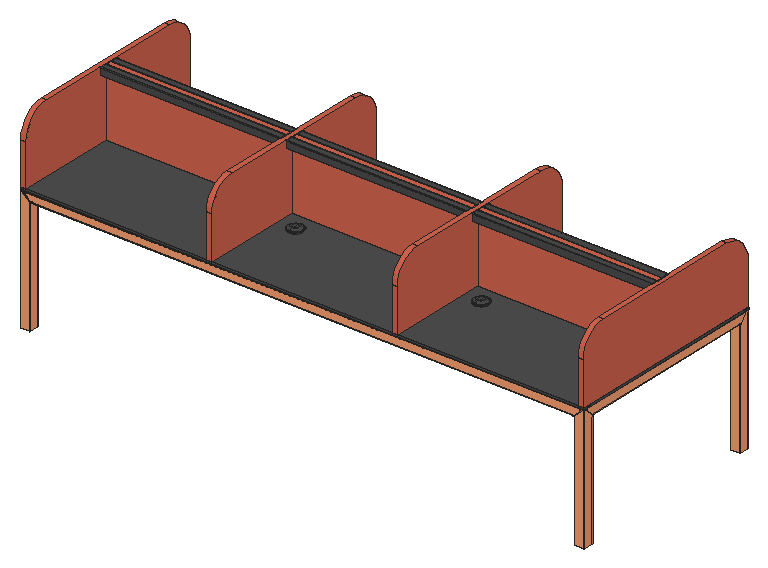
Revit family "Table_MARK_Type Focus_ 6Booth_3300x1200-Rev2", category Furniture, Revit 2015
Parameters (values of type "MidSepLength")
  Weight = ""
  URL = "http://www.markproduct.com/products/"
  Sales_Email = "enquiries@markproduct.com"  # constant formula
  Revit Version = "Revit 2015"  # constant formula
  Product Desctription = " Type FocusTable System"  # constant formula
  Product Color = "Available all color"  # constant formula
  Product Category = " Type FocusTable System"  # constant formula
  Part Number = ""
  Offset = 20 mm
  Model Version = "1"  # constant formula
  Model = " 1100x3300 mm 6 Booth Type FocusTable System"  # constant formula
  MidSepLength = (Width - 70 mm - 60 mm) / 3  # 1056.667 mm
  Material_TableTop = Mark_BALCK 2
  Material_Frame = Mark_Orange
  Material_Seperator = Mark_Red5
  Manufaturer Phone Number = "01209 860 133"  # constant formula
  Manufacturer_Email = "enquiries@markproduct.com"  # constant formula
  Manufacturer URL = "http://www.markproduct.com/"
  Manufacturer Adress = "Rosemanowes Quarry, Herniss, Penryn,\r\n\r\nCornwall, TR10 9DU"  # constant formula
  Manufacturer = "MARK"
  Width = 3300 mm  # constant formula
  Leg_Offset = 55 mm  # constant formula
  LegHeight = Height + 10 mm - 12 mm  # 738 mm
  Height = 740 mm  # constant formula
  Frame Width = 50 mm
  Fixture Material = Mark_BALCK
  Fillet = 3 mm
  Depth = 1200 mm  # constant formula
  Creation Date = "June 20, 2020"  # constant formula
  Author = "Ulas Deniz (revitizm@gmal.com)"  # constant formula
  Assembly Code = "E2020500"
Types (2, lengths in mm): name | URL | Material_TableTop | Material_Frame | Material_Seperator | Fixture Material | Assembly Code
  Table 1 | "http://www.markproduct.com/products/studioscape/" | Linen, Blue_Light | Metal Panel | Linen, Blue | Metal Panel | "E2020400"
  MidSepLength | "http://www.markproduct.com/products/" | Mark_BALCK 2 | Mark_Orange | Mark_Red5 | Mark_BALCK | "E2020500"
Reference planes
  plane 1 "Center Front/Back": y = 0
  plane 2: z = 0
  plane 3 "Center Left/Right": x = 0
  plane 4 "Frame Top": z = 728
  plane 5: x = -1650
  plane 6: y = 600
  plane 7: y = -600
  plane 8: x = 1650
  plane 9 "Frame Bottom": z = 678
  plane 10 "TABLE TOP": z = 740
  plane 11: x = -1645
  plane 12: x = 1645
  plane 13: x = -1615
  plane 14: x = 1615
  plane 15: x = -663.3
  plane 16: x = 663.3
  plane 17: y = 120
  plane 18: y = -120
  plane 19: x = -543.3
  plane 20: x = 543.3
  plane 21: x = -423.3
  plane 22: x = 423.3
Dimensions and locks
  plane 6 to plane 7 = 1200 mm
  plane 5 to plane 8 = 3300 mm
  equal spacing: plane 6, plane 1 "Center Front/Back", plane 7
  equal spacing: plane 5, plane 3 "Center Left/Right", plane 8
  "Frame Width": plane 4 "Frame Top" to plane 9 "Frame Bottom"
  locked: plane 10 "TABLE TOP" to plane 4 "Frame Top" at 12
  locked: level to plane 10 "TABLE TOP" at 740
  locked: plane 12 to plane 8 at 5
  locked: plane 5 to plane 11 at 5
  plane 17 to nested 17 to plane 18 = 120 mm locked, 120 mm locked
  locked: plane 11 to plane 13 at 30
  locked: plane 14 to plane 12 at 30
  locked: plane 15 to nested 18 at 120
  locked: nested 19 to plane 16 at 120
  locked: nested 18 to plane 21 at 120
  locked: plane 22 to nested 19 at 120
  plane 13 to nested 16 = 1056.667 mm
  nested 17 to plane 14 = 1056.667 mm
  plane 13 to plane 19 to plane 20 to plane 14 = 1071.7 mm, 1086.6 mm, 1071.7 mm
  aligned and locked: level to plane 2
  aligned and locked: nested 4 to plane 4 "Frame Top"
  aligned and locked: plane 1 "Center Front/Back" to nested 4
  aligned and locked: plane 5 to nested 2
  aligned and locked: plane 7 to nested 2
  aligned and locked: nested 9 to plane 8
  aligned and locked: nested 9 to plane 6
  aligned and locked: plane 5 to nested 1
  aligned and locked: nested 1 to plane 6
  aligned and locked: nested 3 to plane 8
  aligned and locked: plane 7 to nested 3
  aligned and locked: plane 4 "Frame Top" to nested 13
  aligned and locked: plane 4 "Frame Top" to nested 12
  aligned and locked: plane 4 "Frame Top" to nested 10
  aligned and locked: plane 4 "Frame Top" to nested 11
  aligned and locked: plane 6 to nested 12
  aligned and locked: nested 13 to plane 7
  aligned and locked: nested 11 to nested 4
  aligned and locked: nested 12 to plane 3 "Center Left/Right"
  aligned and locked: plane 3 "Center Left/Right" to nested 13
  aligned and locked: plane 8 to nested 11
  aligned and locked: plane 1 "Center Front/Back" to nested 10
  aligned and locked: nested 10 to plane 5
  aligned and locked: nested 14 to plane 10 "TABLE TOP"
  aligned and locked: nested 15 to plane 10 "TABLE TOP"
  aligned and locked: nested 16 to plane 10 "TABLE TOP"
  aligned and locked: nested 16 to nested 15
  aligned and locked: plane 1 "Center Front/Back" to nested 16
  aligned and locked: nested 4 to nested 17
  aligned and locked: plane 15 to nested 7
  aligned and locked: plane 16 to nested 8
  aligned and locked: plane 16 to nested 6
  aligned and locked: plane 15 to nested 5
  aligned and locked: nested 5 to plane 18
  aligned and locked: plane 18 to nested 6
  aligned and locked: nested 8 to plane 17
  aligned and locked: nested 7 to plane 17
  aligned and locked: plane 11 to nested 14
  aligned and locked: plane 12 to nested 15
  aligned and locked: plane 14 to nested 17
  aligned and locked: nested 17 to plane 10 "TABLE TOP"
  aligned and locked: nested 16 to plane 13
  aligned and locked: plane 1 "Center Front/Back" to nested 18
  aligned and locked: plane 1 "Center Front/Back" to nested 19
  aligned and locked: plane 21 to nested 20
  aligned and locked: nested 20 to plane 18
  aligned and locked: nested 21 to plane 17
  aligned and locked: plane 22 to nested 21
  aligned and locked: nested 18 to plane 19
  aligned and locked: nested 19 to plane 20
  aligned and locked: plane 3 "Center Left/Right" to nested 4
Nested families
  nested 1: "Leg2" at (-1620, 570, 0) x (0, -1, 0) z (0, 0, 1), type "Leg2"
    with Leg_Height 738 mm
  nested 2: "Leg2" at (-1620, -570, 0), type "Leg2"
    with Leg_Height 738 mm
  nested 3: "Leg2" at (1620, -570, 0) x (0, 1, 0) z (0, 0, 1), type "Leg2"
    with Leg_Height 738 mm
  nested 4: "TableTopFlat" at (0, 0, 728), type "TableTopFlat"
    with Width 3300 mm, Depth 1200 mm
  nested 5: "Priz" at (-663.3, -120, 740), type "Priz"
  nested 6: "Priz" at (663.3, -120, 740), type "Priz"
  nested 7: "Priz" at (-663.3, 120, 740), type "Priz"
  nested 8: "Priz" at (663.3, 120, 740), type "Priz"
  nested 9: "Leg2" at (1620, 570, 0) x (-1, 0, 0) z (0, 0, 1), type "Leg2"
    with Leg_Height 738 mm
  nested 10: "FrameElement" at (-1650, 0, 678) x (0, -1, 0) z (0, 0, 1), Length <- "Depth", type "FrameElement"
    with Length 1200 mm
  nested 11: "FrameElement" at (1650, 0, 678) x (0, 1, 0) z (0, 0, 1), Length <- "Depth", type "FrameElement"
    with Length 1200 mm
  nested 12: "FrameElement" at (0, 600, 678) x (-1, 0, 0) z (0, 0, 1), Length <- "Width", type "FrameElement"
    with Length 3300 mm
  nested 13: "FrameElement" at (0, -600, 678), Length <- "Width", type "FrameElement"
    with Length 3300 mm
  nested 14: "Seperator" at (-1630, 0, 740) x (0, -1, 0) z (0, 0, 1), Length <- "Depth", type "Seperator"
    with RightFilletLength 60 mm, RightFillet yes, Length 1200 mm, LeftFilletLength 60 mm, LeftFillet yes, Thickness 30 mm, Height 400 mm
  nested 15: "Seperator" at (1630, 0, 740) x (0, -1, 0) z (0, 0, 1), Length <- "Depth", type "Seperator"
    with RightFilletLength 60 mm, RightFillet yes, Length 1200 mm, LeftFilletLength 60 mm, LeftFillet yes, Thickness 30 mm, Height 400 mm
  nested 16: "MidSep" at (-1086.667, 0, 740), Length <- "MidSepLength", type "MidSep"
    with Length 1056.667 mm, BackProfile yes
  nested 17: "MidSep" at (1086.667, 0, 740), Length <- "MidSepLength", type "MidSep"
    with Length 1056.667 mm, BackProfile yes
  nested 18: "Seperator" at (-543.3, 0, 740) x (0, -1, 0) z (0, 0, 1), Length <- "Depth", type "Seperator"
    with RightFilletLength 60 mm, RightFillet yes, Length 1200 mm, LeftFilletLength 60 mm, LeftFillet yes, Thickness 30 mm, Height 400 mm
  nested 19: "Seperator" at (543.3, 0, 740) x (0, -1, 0) z (0, 0, 1), Length <- "Depth", type "Seperator"
    with RightFilletLength 60 mm, RightFillet yes, Length 1200 mm, LeftFilletLength 60 mm, LeftFillet yes, Thickness 30 mm, Height 400 mm
  nested 20: "Priz" at (-423.3, -120, 740), type "Priz"
  nested 21: "Priz" at (423.3, 120, 740), type "Priz"
  nested 22: "MidSep" at (0.033, 0, 740), Length <- "MidSepLength", type "MidSep"
    with Length 1056.667 mm, BackProfile yes
Definition of nested family "Leg2"
  Parameters (values of type "Leg2")
    Leg_Width = 60 mm
    Leg_Height = 760 mm
    Leg_Depth = 60 mm
    Leg Material = none
    Fillet = 3 mm
  Reference planes
    plane 1 "Center (Front/Back)": y = 0
    plane 2: z = 0
    plane 3 "Center (Left/Right)": x = 0
    plane 4: x = -30
    plane 5: x = 30
    plane 6: y = -30
    plane 7: y = 30
    plane 8: z = 3
    plane 9: z = 760
    plane 10: z = 750
  Forms (mm)
    Extrusion 1, solid, material <- "Leg Material"
      sketch origin (0, 0, 0) x (1, 0, 0) y (0, 1, 0)
        loop
          arc (-27, 30) -> (-29.121, 29.121) -> (-30, 27) r 3
          line (-30, 27) -> (-30, -27)
          arc (-30, -27) -> (-29.121, -29.121) -> (-27, -30) r 3
          line (-27, -30) -> (27, -30)
          arc (27, -30) -> (29.121, -29.121) -> (30, -27) r 3
          line (30, -27) -> (30, 27)
          arc (30, 27) -> (29.121, 29.121) -> (27, 30) r 3
          line (27, 30) -> (-27, 30)
      from 3 to 760
    Extrusion 2, solid
      sketch origin (0, 0, 0) x (1, 0, 0) y (0, 1, 0)
        loop
          circle (0, 0) r 20
      from 0 to 3
    Extrusion 3, void
      sketch origin (0, 0, 0) x (1, 0, 0) y (0, 0, 1)
        loop
          line (30, 760) -> (-30, 760) -> (30, 700) -> (30, 760)
      from -30 to 30
    Extrusion 4, void
      sketch origin (0, 0, 0) x (0, 1, 0) y (0, 0, 1)
        loop
          line (30, 700) -> (30, 760) -> (-30, 760) -> (30, 700)
      from -30 to 30
    Extrusion 5, void
      sketch origin (0, 0, 0) x (1, 0, 0) y (0, 0, 1)
        loop
          line (-30, 750) -> (48.117, 750) -> (48.117, 760) -> (-30, 760) -> (-30, 750)
      from -30 to 30
  Cuts and joins
    Extrusion 3, Extrusion 4, Extrusion 5 cuts Extrusion 1
  Dimensions and locks
    "Leg_Width": plane 4 to plane 5
    "Leg_Depth": plane 7 to plane 6
    equal spacing: plane 7, plane 1 "Center (Front/Back)", plane 6
    equal spacing: plane 4, plane 3 "Center (Left/Right)", plane 5
    "Leg_Height": plane 9 to level
    plane 8 to level = 3 mm
    "Leg_Width": plane 9 to Extrusion 3 sketch curve
    "Leg_Width": Extrusion 4 sketch curve to Extrusion 4 sketch curve
    "Leg_Width": cut or joined group of Extrusion 1, Extrusion 3, Extrusion 4, Extrusion 5 to Extrusion 4 sketch curve
    plane 9 to plane 10 = 10 mm  (x2)
    "Fillet": radius of Extrusion 1 sketch curve  (x4)
    aligned and locked: level to plane 2
    aligned and locked: Extrusion 1 sketch curve to plane 7
    aligned and locked: plane 4 to Extrusion 1 sketch curve
    aligned and locked: plane 6 to Extrusion 1 sketch curve
    aligned and locked: Extrusion 1 sketch curve to plane 5
    aligned and locked: Extrusion 1 to plane 8
    aligned and locked: plane 1 "Center (Front/Back)" to Extrusion 2 sketch curve
    aligned and locked: plane 3 "Center (Left/Right)" to Extrusion 2 sketch curve
    aligned and locked: Extrusion 2 to Extrusion 1
    aligned and locked: plane 9 to Extrusion 1
    aligned and locked: Extrusion 3 sketch curve to Extrusion 1
    aligned and locked: Extrusion 1 to Extrusion 3 sketch curve
    aligned and locked: Extrusion 4 sketch curve to cut or joined group of Extrusion 1, Extrusion 3, Extrusion 4, Extrusion 5
    aligned and locked: Extrusion 4 sketch curve to plane 9
    aligned and locked: Extrusion 4 to Extrusion 1
    aligned and locked: Extrusion 1 to Extrusion 4
    aligned and locked: Extrusion 1 to Extrusion 3
    aligned and locked: Extrusion 3 to Extrusion 1
    aligned and locked: Extrusion 5 sketch curve to plane 10
    aligned and locked: Extrusion 5 sketch curve to cut or joined group of Extrusion 1, Extrusion 3, Extrusion 4, Extrusion 5
    aligned and locked: plane 9 to Extrusion 5 sketch curve
    aligned and locked: cut or joined group of Extrusion 1, Extrusion 3, Extrusion 4, Extrusion 5 to Extrusion 5
    aligned and locked: Extrusion 5 to cut or joined group of Extrusion 1, Extrusion 3, Extrusion 4, Extrusion 5
  Automatic sketch dimensions
    Extrusion 1 sketch curve to plane 5 = 0 mm
    Extrusion 3 sketch curve to plane 3 "Center (Left/Right)" = 30 mm
    plane 3 "Center (Left/Right)" to Extrusion 5 sketch curve = 48.117 mm
    radius of Extrusion 2 sketch curve = 20 mm
Definition of nested family "TableTopFlat"
  Parameters (values of type "TableTopFlat")
    Width = 3118 mm
    Thickness = 12 mm
    Depth = 1400 mm
    Leg Material = none
    Fillet = 3 mm
    Chamfer = 2 mm
  Reference planes
    plane 1 "Center (Front/Back)": y = 0
    plane 2: z = 0
    plane 3 "Center (Left/Right)": x = 0
    plane 4: x = -1559
    plane 5: x = 1559
    plane 6: y = -700
    plane 7: y = 700
    plane 8: z = 12
  Forms (mm)
    Extrusion 1, solid, material <- "Leg Material"
      sketch origin (0, 0, 0) x (1, 0, 0) y (0, 1, 0)
        loop
          arc (-1556, 700) -> (-1558.121, 699.121) -> (-1559, 697) r 3
          line (-1559, 697) -> (-1559, -697)
          arc (-1559, -697) -> (-1558.121, -699.121) -> (-1556, -700) r 3
          line (-1556, -700) -> (1556, -700)
          arc (1556, -700) -> (1558.121, -699.121) -> (1559, -697) r 3
          line (1559, -697) -> (1559, 697)
          arc (1559, 697) -> (1558.121, 699.121) -> (1556, 700) r 3
          line (1556, 700) -> (-1556, 700)
      from 0 to 12
  Dimensions and locks
    "Width": plane 4 to plane 5
    "Depth": plane 7 to plane 6
    equal spacing: plane 7, plane 1 "Center (Front/Back)", plane 6
    equal spacing: plane 4, plane 3 "Center (Left/Right)", plane 5
    "Thickness": plane 8 to level
    "Fillet": radius of Extrusion 1 sketch curve  (x4)
    aligned and locked: level to plane 2
    aligned and locked: Extrusion 1 sketch curve to plane 7
    aligned and locked: Extrusion 1 sketch curve to plane 4
    aligned and locked: Extrusion 1 sketch curve to plane 6
    aligned and locked: Extrusion 1 sketch curve to plane 5
    aligned and locked: Extrusion 1 to plane 8
    aligned and locked: Extrusion 1 to level
  Automatic sketch dimensions
    Extrusion 1 sketch curve to plane 5 = 0 mm
Definition of nested family "Priz"
  Parameters (values of type "Priz")
    Material = none
    Default Elevation = 1219.2 mm
  Reference planes
    plane 1 "Center (Front/Back)": y = 0
    plane 2: z = 0
    plane 3 "Center (Left/Right)": x = 0
  Forms (mm)
    Extrusion 1, solid
      sketch origin (0, 0, 0) x (1, 0, 0) y (0, 1, 0)
        loop
          line (-1219.2, 1219.2) -> (-1219.2, -1219.2) -> (1219.2, -1219.2) -> (1219.2, 1219.2) -> (-1219.2, 1219.2)
      from 0 to -304.8
    Revolve 2, solid, material <- "Material"
      sketch origin (0, 0, 0) x (0, 1, 0) y (0, 0, 1)
        loop
          line (-45, 0) -> (0, 0) -> (0, 15.6) -> (-21.143, 15.6)
          arc (-21.143, 15.6) -> (-22.631, 15.4) -> (-24.013, 14.814) r 5.629
          line (-24.013, 14.814) -> (-40.976, 5.684)
          arc (-40.976, 5.684) -> (-41.361, 5.316) -> (-41.502, 4.803) r 1
          line (-41.502, 4.803) -> (-41.502, 3.667)
          arc (-41.502, 3.667) -> (-41.699, 3.088) -> (-42.208, 2.748) r 0.952
          line (-42.208, 2.748) -> (-44.268, 2.196)
          arc (-44.268, 2.196) -> (-44.796, 1.843) -> (-45, 1.242) r 0.987
          line (-45, 1.242) -> (-45, 0)
        axis (0, 15.6) -> (0, 0)
      angle from 0 to 360
  Dimensions and locks
    Revolve 2 sketch curve to Extrusion 1 = 15.6 mm
    aligned and locked: plane 2 to Extrusion 1
    aligned and locked: level to Extrusion 1
Definition of nested family "FrameElement"
  Parameters (values of type "FrameElement")
    Material = none
    Length [instance] = 1400 mm
    H [instance] = 50 mm
    Fillet = 3 mm
  Reference planes
    plane 1 "Center (Front/Back)": y = 0
    plane 2: z = 0
    plane 3 "Center (Left/Right)": x = 0
    plane 4: x = -700
    plane 5: x = 700
    plane 6: y = 50
    plane 7: z = 50
    plane 8: x = -690
    plane 9: x = 690
  Forms (mm)
    Extrusion 1, solid, material <- "Material"
      sketch origin (0, 0, 0) x (1, 0, 0) y (0, 0, 1)
        loop
          line (-690, 50) -> (-640, 0) -> (640, 0) -> (690, 50) -> (-690, 50)
      from 0 to -50
    Extrusion 2, void
      sketch origin (0, 0, 0) x (0, 1, 0) y (0, 0, 1)
        loop
          line (3, 50) -> (0, 50) -> (0, 47)
          arc (0, 47) -> (0.879, 49.121) -> (3, 50) r 3
        loop
          arc (3, 0) -> (0.879, 0.879) -> (0, 3) r 3
          line (0, 3) -> (0, 0) -> (3, 0)
      from -690 to 690
  Cuts and joins
    Extrusion 2 cuts Extrusion 1
  Lines and regions (mm)
    reference lines
      curve 1: line (-690, 0, 50) -> (-633.431, 0, -6.569)
      curve 2: line (690, 0, 50) -> (640, 0, 0)
  Dimensions and locks
    "Length": plane 4 to plane 5
    equal spacing: plane 4, plane 3 "Center (Left/Right)", plane 5
    locked: plane 7 to level at 50
    locked: plane 8 to plane 4 at 10
    locked: plane 5 to plane 9 at 10
    plane 1 "Center (Front/Back)" to plane 6 = 50 mm
    "H": level to plane 7
    "Fillet": radius of Extrusion 2 sketch curve  (x2)
    locked: plane 7 to curve 2 (angle 45.00°)
    locked: plane 8 to curve 1 (angle 45.00°)
    aligned and locked: plane 2 to level
    aligned and locked: plane 8 to curve 1
    aligned and locked: plane 9 to curve 2
    aligned and locked: Extrusion 1 sketch curve to plane 7
    aligned and locked: Extrusion 1 sketch curve to level
    aligned and locked: curve 1 to Extrusion 1 sketch curve
    aligned and locked: Extrusion 1 sketch curve to curve 2
    aligned and locked: plane 6 to Extrusion 1
    aligned and locked: Extrusion 2 sketch curve to Extrusion 1
    aligned and locked: Extrusion 2 sketch curve to curve 1
    aligned and locked: Extrusion 1 to Extrusion 2 sketch curve
    aligned and locked: curve 2 to Extrusion 2 sketch curve
    aligned and locked: plane 9 to Extrusion 2
    aligned and locked: Extrusion 2 to plane 8
  Automatic sketch dimensions
    curve 2 to level = 0 mm
    curve 1 to plane 7 = 0 mm
Definition of nested family "Seperator"
  Parameters (values of type "Seperator")
    Thickness = 36 mm
    RightFilletLength [instance] = if(RightFillet, 60 mm, 20 mm)  # 60 mm
    RightFillet [instance] = yes
    Material = none
    Length [instance] = 1500 mm
    LeftFilletLength [instance] = if(LeftFillet, 60 mm, 20 mm)  # 60 mm
    LeftFillet [instance] = yes
    Height = 500 mm
  Reference planes
    plane 1 "Center (Front/Back)": y = 0
    plane 2: z = 0
    plane 3 "Center (Left/Right)": x = 0
    plane 4: x = -750
    plane 5: x = 750
    plane 6: y = 18
    plane 7: y = -18
    plane 8: z = 500
    plane 9: y = 40
  Forms (mm)
    Extrusion 1, solid, material <- "Material"
      sketch origin (0, 0, 0) x (1, 0, 0) y (0, 1, 0)
        loop
          line (-750, 18) -> (-750, -18) -> (750, -18) -> (750, 18) -> (-750, 18)
      from 0 to 500
    Extrusion 2, void
      sketch origin (-1040, 40, 1200) x (1, 0, 0) y (0, 0, 1)
        loop
          arc (1640, -700) -> (1746.066, -743.934) -> (1790, -850) r 150
          line (1790, -850) -> (1790, -700) -> (1640, -700)
      from 0 to 60 <- "RightFilletLength"
    Extrusion 3, void
      sketch origin (-1040, 40, 1200) x (1, 0, 0) y (0, 0, 1)
        loop
          line (440, -700) -> (290, -700) -> (290, -850)
          arc (290, -850) -> (333.934, -743.934) -> (440, -700) r 150
      from 0 to 60 <- "LeftFilletLength"
  Cuts and joins
    Extrusion 2, Extrusion 3 cuts Extrusion 1
  Dimensions and locks
    equal spacing: plane 6, plane 1 "Center (Front/Back)", plane 7
    "Thickness": plane 6 to plane 7
    equal spacing: plane 4, plane 3 "Center (Left/Right)", plane 5
    "Length": plane 4 to plane 5
    "Height": plane 8 to level
    locked: plane 9 to plane 6 at 22
    aligned and locked: level to plane 2
    aligned and locked: Extrusion 1 sketch curve to plane 6
    aligned and locked: plane 4 to Extrusion 1 sketch curve
    aligned and locked: plane 7 to Extrusion 1 sketch curve
    aligned and locked: Extrusion 1 sketch curve to plane 5
    aligned and locked: plane 8 to Extrusion 1
    aligned and locked: Extrusion 1 to Extrusion 2 sketch curve
    aligned and locked: Extrusion 2 sketch curve to Extrusion 1
    aligned and locked: Extrusion 3 sketch curve to plane 8
    aligned and locked: Extrusion 3 sketch curve to cut or joined group of Extrusion 1, Extrusion 2, Extrusion 3
  Automatic sketch dimensions
    Extrusion 2 sketch curve to Extrusion 2 sketch curve = 150 mm
    plane 4 to Extrusion 3 sketch curve = 150 mm
Definition of nested family "MidSep"
  Parameters (values of type "MidSep")
    Thickness = 36 mm
    Material = none
    Length [instance] = 1500 mm
    Fixture material = none
    BackProfile [instance] = yes
    Height = 400 mm
  Reference planes
    plane 1 "Center (Front/Back)": y = 0
    plane 2: z = 0
    plane 3 "Center (Left/Right)": x = 0
    plane 4: x = -750
    plane 5: x = 750
    plane 6: y = 18
    plane 7: y = -18
    plane 8: z = 400
  Forms (mm)
    Extrusion 1, solid, material <- "Material"
      sketch origin (0, 0, 0) x (1, 0, 0) y (0, 1, 0)
        loop
          line (-750, 18) -> (-750, -18) -> (750, -18) -> (750, 18) -> (-750, 18)
      from 0 to 400
    Extrusion 2, solid, material <- "Fixture material"
      sketch origin (0, 0, 0) x (0, 1, 0) y (0, 0, 1)
        loop
          line (-20, 400) -> (-56, 400)
          arc (-56, 400) -> (-57.414, 399.414) -> (-58, 398) r 2
          line (-58, 398) -> (-58, 360) -> (-56, 360) -> (-56, 398) -> (-20, 398) -> (-20, 360) -> (-18, 360) -> (-18, 398)
          arc (-18, 398) -> (-18.586, 399.414) -> (-20, 400) r 2
      from -750 to 750
    Extrusion 3, solid, material <- "Fixture material", visible <- "BackProfile"
      sketch origin (0, 0, 0) x (0, -1, 0) y (0, 0, -1)
        loop
          arc (-20, -400) -> (-18.586, -399.414) -> (-18, -398) r 2
          line (-18, -398) -> (-18, -360) -> (-20, -360) -> (-20, -398) -> (-56, -398) -> (-56, -360) -> (-58, -360) -> (-58, -398)
          arc (-58, -398) -> (-57.414, -399.414) -> (-56, -400) r 2
          line (-56, -400) -> (-20, -400)
      from -750 to 750
  Dimensions and locks
    equal spacing: plane 6, plane 1 "Center (Front/Back)", plane 7
    "Thickness": plane 6 to plane 7
    equal spacing: plane 4, plane 3 "Center (Left/Right)", plane 5
    "Length": plane 4 to plane 5
    "Height": plane 8 to level
    Extrusion 2 sketch curve to Extrusion 2 sketch curve to Extrusion 2 sketch curve to Extrusion 2 sketch curve = 2 mm locked, 36 mm locked, 2 mm locked
    Extrusion 3 sketch curve to Extrusion 3 sketch curve to Extrusion 3 sketch curve to Extrusion 3 sketch curve = 2 mm locked, 36 mm locked, 2 mm locked
    aligned and locked: level to plane 2
    aligned and locked: Extrusion 1 sketch curve to plane 6
    aligned and locked: plane 4 to Extrusion 1 sketch curve
    aligned and locked: plane 7 to Extrusion 1 sketch curve
    aligned and locked: Extrusion 1 sketch curve to plane 5
    aligned and locked: plane 8 to Extrusion 1
    aligned and locked: Extrusion 3 to plane 6
    aligned and locked: plane 7 to Extrusion 2
    aligned and locked: plane 5 to Extrusion 2
    aligned and locked: plane 5 to Extrusion 3
    aligned and locked: Extrusion 3 to plane 4
    aligned and locked: Extrusion 2 to plane 4
  Automatic sketch dimensions
    Extrusion 2 sketch curve to plane 8 = 0 mm
    Extrusion 2 sketch curve to plane 7 = 0 mm
    Extrusion 2 sketch curve to Extrusion 2 sketch curve = 0 mm  (x4)
    Extrusion 2 sketch curve to Extrusion 2 sketch curve = 38 mm
    Extrusion 3 sketch curve to plane 8 = 0 mm
    Extrusion 3 sketch curve to plane 6 = 0 mm
    Extrusion 3 sketch curve to Extrusion 3 sketch curve = 0 mm  (x4)
    Extrusion 3 sketch curve to Extrusion 3 sketch curve = 38 mm
